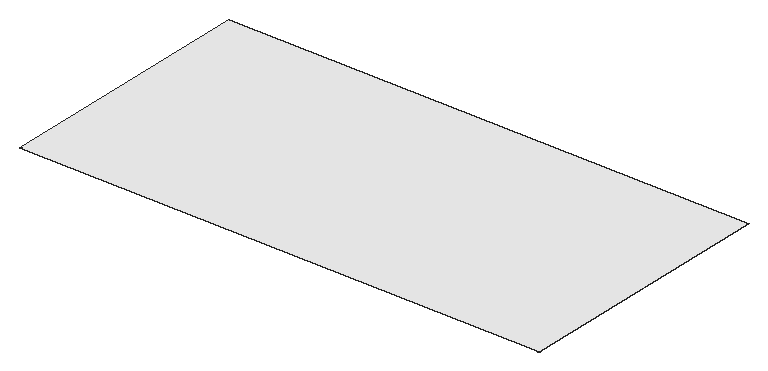
Revit family "NBS_AndersonGECLtd_LrgMrrs_Mirror", category Furniture, host Face, Revit 2017
Family settings
  Host = Face
  Cut with Voids When Loaded = No
  Shared = No
  Room Calculation Point = No
Parameters
  WarrantyStartDate [instance] = "1900-12-31T23:59:59"
  WarrantyGuarantorParts = "n/a"
  WarrantyGuarantorLabor = "n/a"
  WarrantyDurationUnit = "year"
  WarrantyDurationParts = "n/a"
  WarrantyDurationLabor = "n/a"
  WarrantyDescription = "n/a"
  Version = "1"  # constant formula
  Uniclass2015Version = "Products v1.11"
  Uniclass2015Title = "Large mirrors"
  Uniclass2015Code = "Pr_25_71_53_46"
  TagNumber [instance] = "n/a"
  SustainabilityPerformance = "100% Recyclable"
  Style = "Mirror"
  Status = "UNSET"
  MirrorWidth = 2400 mm
  MirrorThickness = 1.2 mm  # constant formula
  MirrorMaterial = NBS_Concept
  MirrorHeight = 1200 mm
  Size = "2400 x 1200 mm"
  Shape = "Rectangle"
  SerialNumber [instance] = "n/a"
  Revision = "n/a"
  ReplacementCost = "n/a"
  Reference = "n/a"
  ProductInformation = "http://www.gecanderson.co.uk/product/sanitary-ware/mirrors.html"
  NominalWidth = MirrorWidth  # 2400 mm
  NominalLength = MirrorWidth  # 2400 mm
  NominalHeight = MirrorHeight  # 1200 mm
  NominalDepth = MirrorThickness  # 1.2 mm
  Name = "LargeMirrors_Mirror_AndersonGECLtd"
  NBSReference = "45-35-55/310"
  NBSDescription = "Large mirrors"
  NBSCertification = "www.nationalbimlibrary.com/cert/3uur4iok"
  ModelReference = "Mirror"
  ModelNumber = "GEC Anderson stainless steel mirror"
  Material = "Stainless steel"
  ManufacturerURL = "www.gecanderson.co.uk"
  ManufacturerName = "Anderson, GEC Ltd"  # constant formula
  Manufacturer = "info@gecanderson.co.uk"  # constant formula
  MainColor = "n/a"
  IsBuiltIn = yes
  InstallationDate [instance] = "1900-12-31T23:59:59"
  IfcExportType = "USERDEFINED"  # constant formula
  IfcExportAs = "IfcFurnitureType"  # constant formula
  Grade = "n/a"
  Fixing = "Adhesive or screws"
  Finish = "Polished stainless steel"
  Features = "Unbreakable, easy to clean"
  ExpectedLife = "n/a"
  EdgesProfile = "Square or rounded corners"
  DurationUnit = "year"
  Description = "Stainless steel mirrors that provide a safe, alternative to glass mirror"
  Default Elevation = 1500 mm
  Constituents = "n/a"
  Color = "n/a"
  CodePerformance = "EN 1.4301"
  Category = "Pr_25_71_53_46:Large mirrors"
  BarCode [instance] = "n/a"
  BIMObjectName = "NBS_AndersonGECLtd_LargeMirrors_Mirror"
  Author = "NBS"  # constant formula
  AssetType = "Fixed"
  AssetIdentifier [instance] = "n/a"
  AccessibilityPerformance = "n/a"
Reference planes
  plane 1 "Center (Front/Back)": y = 0
  plane 2: z = 0
  plane 3 "Center (Left/Right)": x = 0
  plane 4 "Left": x = -1200
  plane 5 "Right": x = 1200
  plane 6 "Top": y = 600
  plane 7 "Bottom": y = -600
Forms (mm)
  Extrusion 1, solid, material "NBS_Concept" <- "MirrorMaterial"
    sketch origin (0, 0, 0) x (1, 0, 0) y (0, 1, 0)
      loop
        line (1200, -600) -> (1200, 600) -> (-1200, 600) -> (-1200, -600) -> (1200, -600)
    from 0 to 1.2 <- "MirrorThickness"
Dimensions and locks
  equal spacing: plane 4 "Left", plane 3 "Center (Left/Right)", plane 5 "Right"
  "MirrorWidth": plane 4 "Left" to plane 5 "Right"
  equal spacing: plane 6 "Top", plane 1 "Center (Front/Back)", plane 7 "Bottom"
  "MirrorHeight": plane 6 "Top" to plane 7 "Bottom"
  aligned and locked: plane 2 to host face
  aligned and locked: level to host face
  aligned and locked: Extrusion 1 sketch curve to plane 4 "Left"
  aligned and locked: Extrusion 1 sketch curve to plane 6 "Top"
  aligned and locked: plane 5 "Right" to Extrusion 1 sketch curve
  aligned and locked: plane 7 "Bottom" to Extrusion 1 sketch curve
Automatic sketch dimensions
  host sketch curve to host sketch curve = 2438.4 mm  (x2)
